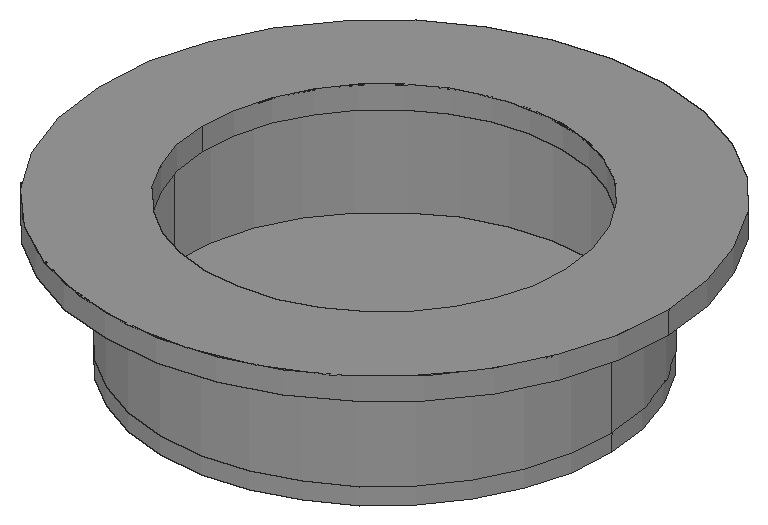
Revit family "ALMA-Rian_Round_Flush_Pull", category Specialty Equipment, host Face, Revit 2026
Family settings
  Host = Face
  Round Connector Dimension = Use Diameter
  Part Type = Normal
  Enable Cutting in Views = Yes
  Cut with Voids When Loaded = Yes
  Maintain Annotation Orientation = No
  Shared = No
  Room Calculation Point = No
Parameters (values of type "MATTE BLACK (DHFPMB01)")
  Width = 50 mm
  Material = BM_MATTE BLACK
  Depth = 13 mm
  Default Elevation = 1219.2 mm
Types (6, lengths in mm): name | Material
  (no name) | BM_MATTE BLACK
  MATTE BLACK (DHFPMB01) | BM_MATTE BLACK
  BRUSHED VINTAGE ANTIQUE BRASS (DHFPVB05) | BM_ANTIQUE BRASS
  BRUSHED NICKEL (DHFPBN04) | BM_NICKEL
  BRUSHED BRASS GOLD (DHFPGD02) | BM_BRASS GOLD
  BRUSHED GUNMETAL (DHFPGM03) | BM_GUNMETAL
Reference planes
  plane 1 "Center (Front/Back)": y = 0
  plane 2: z = 0
  plane 3 "Center (Left/Right)": x = 0
  plane 4: x = -25
  plane 5: x = 25
  plane 6: y = 25
  plane 7: y = -25
  plane 8: y = 16
  plane 9: y = -16
  plane 10: x = -16
  plane 11: x = 16
  plane 12: x = 20
  plane 13: x = -20
  plane 14: z = 2
  plane 15: z = -11
  plane 16: y = 20
  plane 17: y = -20
Forms (mm)
  Extrusion 1, solid, material "BM_MATTE BLACK" <- "Material"
    sketch origin (0, 0, 0) x (1, 0, 0) y (0, 1, 0)
      loop
        circle (0, 0) r 25
      loop
        circle (0, 0) r 16
    from 0 to 2
  Extrusion 2, void
    sketch origin (0, 0, 0) x (0, 1, 0) y (1, 0, 0)
      loop
        circle (0, 0) r 20
    from 0 to 11
  Extrusion 3, solid, material "BM_MATTE BLACK" <- "Material"
    sketch origin (-32.5, -4572, -11) x (-1, 0, 0) y (0, -1, 0)
      loop
        circle (-32.5, -4572) r 20
    from 0 to 1.5
  Extrusion 4, solid, material "BM_MATTE BLACK" <- "Material"
    sketch origin (-32.5, -4572, -9.5) x (-1, 0, 0) y (0, -1, 0)
      loop
        circle (-32.5, -4572) r 20
      loop
        circle (-32.5, -4572) r 18.5
    from 0 to 9.5
Cuts and joins
  Extrusion 2 cuts Extrusion 1
  joined: Extrusion 3, Extrusion 4
Text (mm)
  text "Refer to www.buildmat.com.au for the most current product literature. \nAllow a +/- 5mm tolerance for dimensions shown in the product literature. \nPlease note product details are subject to change due to ongoing product development." at (1.508, -225.947, 0), in view "Ref. Level"
Dimensions and locks
  "Width": plane 4 to plane 5
  plane 8 to plane 9 = 32 mm
  equal spacing: plane 8, plane 1 "Center (Front/Back)", plane 9
  equal spacing: plane 4, plane 3 "Center (Left/Right)", plane 5
  plane 14 to host face = 2 mm
  "Depth": plane 14 to plane 15
  plane 7 to plane 6 = 50 mm
  plane 7 to plane 17 to plane 16 to plane 6 = 5 mm, 40 mm, 5 mm
  aligned and locked: plane 2 to host face
  aligned and locked: level to host face
Automatic sketch dimensions
  host sketch curve to host sketch curve = 438.4 mm  (x2)
  Extrusion 1 sketch curve to Extrusion 1 sketch curve = 0 mm  (x2)
  plane 1 "Center (Front/Back)" to Extrusion 1 sketch curve = 0 mm
  Extrusion 1 sketch curve to plane 3 "Center (Left/Right)" = 0 mm
  plane 1 "Center (Front/Back)" to Extrusion 2 sketch curve = 0 mm
  Extrusion 2 sketch curve to plane 3 "Center (Left/Right)" = 0 mm
  plane 1 "Center (Front/Back)" to Extrusion 3 sketch curve = 0 mm
  Extrusion 3 sketch curve to plane 3 "Center (Left/Right)" = 0 mm
  radius of Extrusion 1 sketch curve = 25 mm
  radius of Extrusion 1 sketch curve = 16 mm
  radius of Extrusion 2 sketch curve = 20 mm
  radius of Extrusion 3 sketch curve = 20 mm
  radius of Extrusion 4 sketch curve to Extrusion 3 = 0 mm
  radius of Extrusion 4 sketch curve to Extrusion 3 = 1.5 mm
